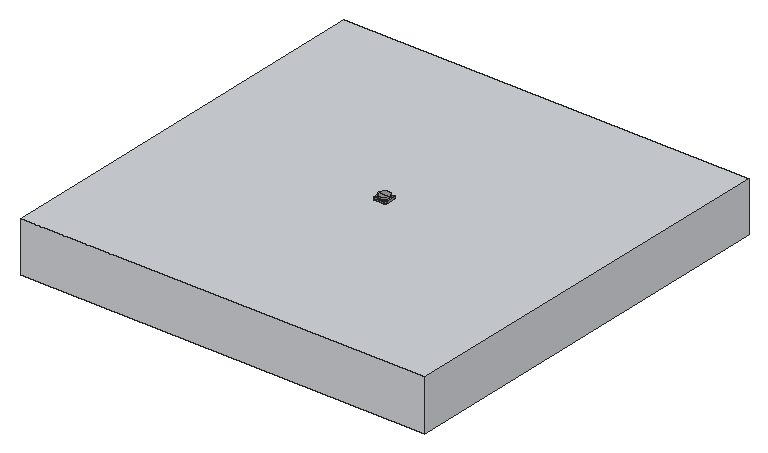
Revit family "Hekatron_Feststellanlagen_ASS 65_DE_22.01", category Brandmelder, Revit 2018
Family settings
  Basisbauteil = Fläche
  Beschriftungsausrichtung beibehalten = Ja
  Bemaßung runder Anschluss = Durchmesser verwenden
  Teiletyp = Normal
  OmniClass-Nummer = 23.85.30.21
  OmniClass-Titel = Environmental Detection/Registration
  Beim Laden mit Abzugskörper schneiden = Nein
  Gemeinsam genutzt = Nein
  Raumberechnungspunkt = Nein
Parameters (values of type "ASS 65")
  Zulässige Umgebungstemperatur = ""
  Zulässige Luftgeschwindigkeit = ""
  Zulassungen nach EN 54 = ""
  Width [instance] = 75 mm
  Version des BIM Objektes = "22.01"
  VdS-Anerkennung = ""
  URL = "https://www.hekatron-brandschutz.de"
  UB A&S Artikel Nummer = "6500024"
  Typenkommentare = "Ankerplatte ASS 65"
  Tiefe (mm) = "75.0"
  Stromaufnahme = ""
  Schutzart = ""
  Rauchteil einstellbar = ""
  Nettogewicht (g) = ""
  Montageart = "Türmontage"
  Modell = "ASS 65"
  Material = "Kunststoff\nMetall"
  Link zum Datenblatt = ""
  Link zu ausschreiben.de = "http://www.ausschreiben.de/katalog/Hekatron/position/77"
  Link zu Produktinformation = "https://www.hekatron-planungstools.de/Produktinfo/ASS_65.PDF"
  Link zu Ausschreibungstext = "https://www.meinhplus.de/login"
  Leistungserklärung (DoP) = ""
  Lautstärke DIN-Ton (dB) = ""
  Kabeleinführung = ""
  Höhe (mm) = "23.0"
  Hersteller = "Hekatron"
  Heigth [instance] = 75 mm
  Funktionsprinzip = ""
  Farbe = "silber/schwarz"
  Ex-Zonen = ""
  Einstellung Temperaturklasse nach EN 54-5 = ""
  Einstellung Temperaturindex nach EN 54-5 = ""
  Einstellung Rauchempfindlichkeit nach EN 54-20 = ""
  Einstellen Rauchempfindlichkeit nach EN 54-7 = ""
  EG-Konformitätszertifikat / Zertifikat der Leistungsbeständigkeit = ""
  Durchmesser (mm) = ""
  Depth [instance] = 23 mm
  Vorgabe-Ansicht = 1200 mm
  Breite (mm) = "75.0"
  Betriebsspannung = ""
  Beschreibung = "Ankerplatte, Durchmesser 65mm, passend zum THM 425."
  Bauartgenehmigungen = ""
  Anzahl Ansaugleitungen = ""
  Ansprechtemperatur = ""
  Alarm- & Empfindlichkeitsbereich = ""
Reference planes
  plane 1 "Center (Front/Back)": y = 0
  plane 2: z = 0
  plane 3 "Center (Left/Right)": x = 0
Forms (mm)
  Extrusion 1, solid
    sketch origin (0, 0, 0) x (1, 0, 0) y (0, 1, 0)
      loop
        line (-1219.2, 1219.2) -> (-1219.2, -1219.2) -> (1219.2, -1219.2) -> (1219.2, 1219.2) -> (-1219.2, 1219.2)
    from 0 to -304.8
  Revolve 2, solid, material "Silver"
    sketch origin (0, 0, 18) x (-1, 0, 0) y (0, 0, -1)
      loop
        line (0, 10) -> (-16, 10) -> (-14.944, 4.012)
        arc (-14.944, 4.012) -> (-14.32, 2.88) -> (-13.134, 2.366) r 2
        arc (-13.134, 2.366) -> (-8.571, 2.091) -> (-4, 2) r 114.26
        line (-4, 2) -> (-32.5, 2) -> (-32.5, -5) -> (0, -5) -> (0, 10)
      axis (0, 10) -> (0, -5)
    angle from 0 to 360
  Extrusion 3, solid, material "Steel, Carbon"
    sketch origin (0, 0, 0) x (1, 0, 0) y (0, 1, 0)
      loop
        line (30, 37.5) -> (-30, 37.5)
        arc (-30, 37.5) -> (-35.303, 35.303) -> (-37.5, 30) r 7.5
        line (-37.5, 30) -> (-37.5, -30)
        arc (-37.5, -30) -> (-35.303, -35.303) -> (-30, -37.5) r 7.5
        line (-30, -37.5) -> (30, -37.5)
        arc (30, -37.5) -> (35.303, -35.303) -> (37.5, -30) r 7.5
        line (37.5, -30) -> (37.5, 30)
        arc (37.5, 30) -> (35.303, 35.303) -> (30, 37.5) r 7.5
    from 0.8 to 8
  Extrusion 4, solid, material "Steel, Carbon"
    sketch origin (0, 0, 0) x (1, 0, 0) y (0, 1, 0)
      loop
        circle (30, 30) r 7.5
      loop
        circle (-30, 30) r 7.5
      loop
        circle (30, -30) r 7.5
      loop
        circle (-30, -30) r 7.5
    from 0 to 0.8
  Revolve 5, void
    sketch origin (0, -30, 0) x (1, 0, 0) y (0, 0, -1)
      loop
        line (-24.75, -8) -> (-27.25, -5.5) -> (-27.25, 0) -> (-30, 0) -> (-30, -8) -> (-24.75, -8)
      axis (-30, 0) -> (-30, -8)
    angle from 0 to 360
  Blend 6, void
    base sketch origin (0, 0, 0) x (1, 0, 0) y (0, 1, 0)
      loop
        line (20, 32.5) -> (5, 32.5)
        arc (5, 32.5) -> (3.232, 31.768) -> (2.5, 30) r 2.5
        line (2.5, 30) -> (2.5, 16.771)
        arc (2.5, 16.771) -> (2.996, 15.276) -> (4.286, 14.375) r 2.5
        arc (4.286, 14.375) -> (5.74, 13.858) -> (7.134, 13.195) r 15
        arc (7.134, 13.195) -> (8.684, 12.92) -> (10.091, 13.626) r 2.5
        line (10.091, 13.626) -> (22.109, 25.644)
        arc (22.109, 25.644) -> (22.756, 26.765) -> (22.756, 28.059) r 2.5
        arc (22.756, 28.059) -> (22.564, 29.021) -> (22.5, 30) r 7.5
        arc (22.5, 30) -> (21.768, 31.768) -> (20, 32.5) r 2.5
    top sketch origin (0, 0, 0) x (1, 0, 0) y (0, 1, 0)
      loop
        line (20, 31.1) -> (5, 31.1)
        arc (5, 31.1) -> (4.222, 30.778) -> (3.9, 30) r 1.1
        line (3.9, 30) -> (3.9, 16.771)
        arc (3.9, 16.771) -> (4.118, 16.113) -> (4.686, 15.716) r 1.1
        arc (4.686, 15.716) -> (6.276, 15.152) -> (7.8, 14.426) r 16.4
        arc (7.8, 14.426) -> (8.482, 14.306) -> (9.101, 14.616) r 1.1
        line (9.101, 14.616) -> (21.119, 26.634)
        arc (21.119, 26.634) -> (21.403, 27.127) -> (21.403, 27.697) r 1.1
        arc (21.403, 27.697) -> (21.176, 28.838) -> (21.1, 30) r 8.9
        arc (21.1, 30) -> (20.778, 30.778) -> (20, 31.1) r 1.1
    from 0.8 to 3
  Blend 7, void
    base sketch origin (0, 0, 0) x (1, 0, 0) y (0, 1, 0)
      loop
        circle (0, 0) r 6.985
    top sketch origin (0, 0, 0) x (1, 0, 0) y (0, 1, 0)
      loop
        circle (0, 0) r 7.858
    from 4.17 to 0.8
  Sweep 8, void
    path in 3D
      loop
        arc (-37.5, -30, 8) -> (-35.303, -35.303, 8) -> (-30, -37.5, 8) r 7.5
        line (-30, -37.5, 8) -> (30, -37.5, 8)
        arc (30, -37.5, 8) -> (35.303, -35.303, 8) -> (37.5, -30, 8) r 7.5
        line (37.5, -30, 8) -> (37.5, 30, 8)
        arc (37.5, 30, 8) -> (35.303, 35.303, 8) -> (30, 37.5, 8) r 7.5
        line (30, 37.5, 8) -> (-30, 37.5, 8)
        arc (-30, 37.5, 8) -> (-35.303, 35.303, 8) -> (-37.5, 30, 8) r 7.5
        line (-37.5, 30, 8) -> (-37.5, -30, 8)
    profile origin (-37.5, 0, 8) x (1, 0, 0) y (0, 0, 1)
      loop
        line (0, 0) -> (0, -1)
        arc (0, -1) -> (0.293, -0.293) -> (1, 0) r 1
        line (1, 0) -> (0, 0)
  Blend 9, void
    base sketch origin (0, 0, 0) x (-1, 0, 0) y (0, -1, 0)
      loop
        arc (20, -32.5) -> (21.768, -31.768) -> (22.5, -30) r 2.5
        arc (22.5, -30) -> (22.564, -29.021) -> (22.756, -28.059) r 7.5
        arc (22.756, -28.059) -> (22.756, -26.765) -> (22.109, -25.644) r 2.5
        line (22.109, -25.644) -> (10.091, -13.626)
        arc (10.091, -13.626) -> (8.684, -12.92) -> (7.134, -13.195) r 2.5
        arc (7.134, -13.195) -> (5.74, -13.858) -> (4.286, -14.375) r 15
        arc (4.286, -14.375) -> (2.996, -15.276) -> (2.5, -16.771) r 2.5
        line (2.5, -16.771) -> (2.5, -30)
        arc (2.5, -30) -> (3.232, -31.768) -> (5, -32.5) r 2.5
        line (5, -32.5) -> (20, -32.5)
    top sketch origin (0, 0, 0) x (-1, 0, 0) y (0, -1, 0)
      loop
        arc (20, -31.1) -> (20.778, -30.778) -> (21.1, -30) r 1.1
        arc (21.1, -30) -> (21.176, -28.838) -> (21.403, -27.697) r 8.9
        arc (21.403, -27.697) -> (21.403, -27.127) -> (21.119, -26.634) r 1.1
        line (21.119, -26.634) -> (9.101, -14.616)
        arc (9.101, -14.616) -> (8.482, -14.306) -> (7.8, -14.426) r 1.1
        arc (7.8, -14.426) -> (6.276, -15.152) -> (4.686, -15.716) r 16.4
        arc (4.686, -15.716) -> (4.118, -16.113) -> (3.9, -16.771) r 1.1
        line (3.9, -16.771) -> (3.9, -30)
        arc (3.9, -30) -> (4.222, -30.778) -> (5, -31.1) r 1.1
        line (5, -31.1) -> (20, -31.1)
    from 0.8 to 3
  Blend 10, void
    base sketch origin (0, 0, 0) x (1, 0, 0) y (0, 1, 0)
      loop
        arc (20, -32.5) -> (21.768, -31.768) -> (22.5, -30) r 2.5
        arc (22.5, -30) -> (22.564, -29.021) -> (22.756, -28.059) r 7.5
        arc (22.756, -28.059) -> (22.756, -26.765) -> (22.109, -25.644) r 2.5
        line (22.109, -25.644) -> (10.091, -13.626)
        arc (10.091, -13.626) -> (8.684, -12.92) -> (7.134, -13.195) r 2.5
        arc (7.134, -13.195) -> (5.74, -13.858) -> (4.286, -14.375) r 15
        arc (4.286, -14.375) -> (2.996, -15.276) -> (2.5, -16.771) r 2.5
        line (2.5, -16.771) -> (2.5, -30)
        arc (2.5, -30) -> (3.232, -31.768) -> (5, -32.5) r 2.5
        line (5, -32.5) -> (20, -32.5)
    top sketch origin (0, 0, 0) x (1, 0, 0) y (0, 1, 0)
      loop
        arc (20, -31.1) -> (20.778, -30.778) -> (21.1, -30) r 1.1
        arc (21.1, -30) -> (21.176, -28.838) -> (21.403, -27.697) r 8.9
        arc (21.403, -27.697) -> (21.403, -27.127) -> (21.119, -26.634) r 1.1
        line (21.119, -26.634) -> (9.101, -14.616)
        arc (9.101, -14.616) -> (8.482, -14.306) -> (7.8, -14.426) r 1.1
        arc (7.8, -14.426) -> (6.276, -15.152) -> (4.686, -15.716) r 16.4
        arc (4.686, -15.716) -> (4.118, -16.113) -> (3.9, -16.771) r 1.1
        line (3.9, -16.771) -> (3.9, -30)
        arc (3.9, -30) -> (4.222, -30.778) -> (5, -31.1) r 1.1
        line (5, -31.1) -> (20, -31.1)
    from 0.8 to 3
  Blend 11, void
    base sketch origin (0, 0, 0) x (-1, 0, 0) y (0, -1, 0)
      loop
        line (20, 32.5) -> (5, 32.5)
        arc (5, 32.5) -> (3.232, 31.768) -> (2.5, 30) r 2.5
        line (2.5, 30) -> (2.5, 16.771)
        arc (2.5, 16.771) -> (2.996, 15.276) -> (4.286, 14.375) r 2.5
        arc (4.286, 14.375) -> (5.74, 13.858) -> (7.134, 13.195) r 15
        arc (7.134, 13.195) -> (8.684, 12.92) -> (10.091, 13.626) r 2.5
        line (10.091, 13.626) -> (22.109, 25.644)
        arc (22.109, 25.644) -> (22.756, 26.765) -> (22.756, 28.059) r 2.5
        arc (22.756, 28.059) -> (22.564, 29.021) -> (22.5, 30) r 7.5
        arc (22.5, 30) -> (21.768, 31.768) -> (20, 32.5) r 2.5
    top sketch origin (0, 0, 0) x (-1, 0, 0) y (0, -1, 0)
      loop
        line (20, 31.1) -> (5, 31.1)
        arc (5, 31.1) -> (4.222, 30.778) -> (3.9, 30) r 1.1
        line (3.9, 30) -> (3.9, 16.771)
        arc (3.9, 16.771) -> (4.118, 16.113) -> (4.686, 15.716) r 1.1
        arc (4.686, 15.716) -> (6.276, 15.152) -> (7.8, 14.426) r 16.4
        arc (7.8, 14.426) -> (8.482, 14.306) -> (9.101, 14.616) r 1.1
        line (9.101, 14.616) -> (21.119, 26.634)
        arc (21.119, 26.634) -> (21.403, 27.127) -> (21.403, 27.697) r 1.1
        arc (21.403, 27.697) -> (21.176, 28.838) -> (21.1, 30) r 8.9
        arc (21.1, 30) -> (20.778, 30.778) -> (20, 31.1) r 1.1
    from 0.8 to 3
  Blend 12, void
    base sketch origin (0, 0, 0) x (0, 1, 0) y (-1, 0, 0)
      loop
        arc (20, -32.5) -> (21.768, -31.768) -> (22.5, -30) r 2.5
        arc (22.5, -30) -> (22.564, -29.021) -> (22.756, -28.059) r 7.5
        arc (22.756, -28.059) -> (22.756, -26.765) -> (22.109, -25.644) r 2.5
        line (22.109, -25.644) -> (10.091, -13.626)
        arc (10.091, -13.626) -> (8.684, -12.92) -> (7.134, -13.195) r 2.5
        arc (7.134, -13.195) -> (5.74, -13.858) -> (4.286, -14.375) r 15
        arc (4.286, -14.375) -> (2.996, -15.276) -> (2.5, -16.771) r 2.5
        line (2.5, -16.771) -> (2.5, -30)
        arc (2.5, -30) -> (3.232, -31.768) -> (5, -32.5) r 2.5
        line (5, -32.5) -> (20, -32.5)
    top sketch origin (0, 0, 0) x (0, 1, 0) y (-1, 0, 0)
      loop
        arc (20, -31.1) -> (20.778, -30.778) -> (21.1, -30) r 1.1
        arc (21.1, -30) -> (21.176, -28.838) -> (21.403, -27.697) r 8.9
        arc (21.403, -27.697) -> (21.403, -27.127) -> (21.119, -26.634) r 1.1
        line (21.119, -26.634) -> (9.101, -14.616)
        arc (9.101, -14.616) -> (8.482, -14.306) -> (7.8, -14.426) r 1.1
        arc (7.8, -14.426) -> (6.276, -15.152) -> (4.686, -15.716) r 16.4
        arc (4.686, -15.716) -> (4.118, -16.113) -> (3.9, -16.771) r 1.1
        line (3.9, -16.771) -> (3.9, -30)
        arc (3.9, -30) -> (4.222, -30.778) -> (5, -31.1) r 1.1
        line (5, -31.1) -> (20, -31.1)
    from 0.8 to 3
  Blend 13, void
    base sketch origin (0, 0, 0) x (0, -1, 0) y (1, 0, 0)
      loop
        line (20, 32.5) -> (5, 32.5)
        arc (5, 32.5) -> (3.232, 31.768) -> (2.5, 30) r 2.5
        line (2.5, 30) -> (2.5, 16.771)
        arc (2.5, 16.771) -> (2.996, 15.276) -> (4.286, 14.375) r 2.5
        arc (4.286, 14.375) -> (5.74, 13.858) -> (7.134, 13.195) r 15
        arc (7.134, 13.195) -> (8.684, 12.92) -> (10.091, 13.626) r 2.5
        line (10.091, 13.626) -> (22.109, 25.644)
        arc (22.109, 25.644) -> (22.756, 26.765) -> (22.756, 28.059) r 2.5
        arc (22.756, 28.059) -> (22.564, 29.021) -> (22.5, 30) r 7.5
        arc (22.5, 30) -> (21.768, 31.768) -> (20, 32.5) r 2.5
    top sketch origin (0, 0, 0) x (0, -1, 0) y (1, 0, 0)
      loop
        line (20, 31.1) -> (5, 31.1)
        arc (5, 31.1) -> (4.222, 30.778) -> (3.9, 30) r 1.1
        line (3.9, 30) -> (3.9, 16.771)
        arc (3.9, 16.771) -> (4.118, 16.113) -> (4.686, 15.716) r 1.1
        arc (4.686, 15.716) -> (6.276, 15.152) -> (7.8, 14.426) r 16.4
        arc (7.8, 14.426) -> (8.482, 14.306) -> (9.101, 14.616) r 1.1
        line (9.101, 14.616) -> (21.119, 26.634)
        arc (21.119, 26.634) -> (21.403, 27.127) -> (21.403, 27.697) r 1.1
        arc (21.403, 27.697) -> (21.176, 28.838) -> (21.1, 30) r 8.9
        arc (21.1, 30) -> (20.778, 30.778) -> (20, 31.1) r 1.1
    from 0.8 to 3
  Blend 14, void
    base sketch origin (0, 0, 0) x (0, 1, 0) y (-1, 0, 0)
      loop
        line (20, 32.5) -> (5, 32.5)
        arc (5, 32.5) -> (3.232, 31.768) -> (2.5, 30) r 2.5
        line (2.5, 30) -> (2.5, 16.771)
        arc (2.5, 16.771) -> (2.996, 15.276) -> (4.286, 14.375) r 2.5
        arc (4.286, 14.375) -> (5.74, 13.858) -> (7.134, 13.195) r 15
        arc (7.134, 13.195) -> (8.684, 12.92) -> (10.091, 13.626) r 2.5
        line (10.091, 13.626) -> (22.109, 25.644)
        arc (22.109, 25.644) -> (22.756, 26.765) -> (22.756, 28.059) r 2.5
        arc (22.756, 28.059) -> (22.564, 29.021) -> (22.5, 30) r 7.5
        arc (22.5, 30) -> (21.768, 31.768) -> (20, 32.5) r 2.5
    top sketch origin (0, 0, 0) x (0, 1, 0) y (-1, 0, 0)
      loop
        line (20, 31.1) -> (5, 31.1)
        arc (5, 31.1) -> (4.222, 30.778) -> (3.9, 30) r 1.1
        line (3.9, 30) -> (3.9, 16.771)
        arc (3.9, 16.771) -> (4.118, 16.113) -> (4.686, 15.716) r 1.1
        arc (4.686, 15.716) -> (6.276, 15.152) -> (7.8, 14.426) r 16.4
        arc (7.8, 14.426) -> (8.482, 14.306) -> (9.101, 14.616) r 1.1
        line (9.101, 14.616) -> (21.119, 26.634)
        arc (21.119, 26.634) -> (21.403, 27.127) -> (21.403, 27.697) r 1.1
        arc (21.403, 27.697) -> (21.176, 28.838) -> (21.1, 30) r 8.9
        arc (21.1, 30) -> (20.778, 30.778) -> (20, 31.1) r 1.1
    from 0.8 to 3
  Blend 15, void
    base sketch origin (0, 0, 0) x (0, -1, 0) y (1, 0, 0)
      loop
        arc (20, -32.5) -> (21.768, -31.768) -> (22.5, -30) r 2.5
        arc (22.5, -30) -> (22.564, -29.021) -> (22.756, -28.059) r 7.5
        arc (22.756, -28.059) -> (22.756, -26.765) -> (22.109, -25.644) r 2.5
        line (22.109, -25.644) -> (10.091, -13.626)
        arc (10.091, -13.626) -> (8.684, -12.92) -> (7.134, -13.195) r 2.5
        arc (7.134, -13.195) -> (5.74, -13.858) -> (4.286, -14.375) r 15
        arc (4.286, -14.375) -> (2.996, -15.276) -> (2.5, -16.771) r 2.5
        line (2.5, -16.771) -> (2.5, -30)
        arc (2.5, -30) -> (3.232, -31.768) -> (5, -32.5) r 2.5
        line (5, -32.5) -> (20, -32.5)
    top sketch origin (0, 0, 0) x (0, -1, 0) y (1, 0, 0)
      loop
        arc (20, -31.1) -> (20.778, -30.778) -> (21.1, -30) r 1.1
        arc (21.1, -30) -> (21.176, -28.838) -> (21.403, -27.697) r 8.9
        arc (21.403, -27.697) -> (21.403, -27.127) -> (21.119, -26.634) r 1.1
        line (21.119, -26.634) -> (9.101, -14.616)
        arc (9.101, -14.616) -> (8.482, -14.306) -> (7.8, -14.426) r 1.1
        arc (7.8, -14.426) -> (6.276, -15.152) -> (4.686, -15.716) r 16.4
        arc (4.686, -15.716) -> (4.118, -16.113) -> (3.9, -16.771) r 1.1
        line (3.9, -16.771) -> (3.9, -30)
        arc (3.9, -30) -> (4.222, -30.778) -> (5, -31.1) r 1.1
        line (5, -31.1) -> (20, -31.1)
    from 0.8 to 3
  Revolve 16, void
    sketch origin (0, -30, 0) x (-1, 0, 0) y (0, 0, 1)
      loop
        line (-24.75, 8) -> (-30, 8) -> (-30, 0) -> (-27.25, 0) -> (-27.25, 5.5) -> (-24.75, 8)
      axis (-30, 0) -> (-30, 8)
    angle from 0 to 360
  Revolve 17, void
    sketch origin (0, 30, 0) x (1, 0, 0) y (0, 0, 1)
      loop
        line (-24.75, 8) -> (-30, 8) -> (-30, 0) -> (-27.25, 0) -> (-27.25, 5.5) -> (-24.75, 8)
      axis (-30, 0) -> (-30, 8)
    angle from 0 to 360
  Revolve 18, void
    sketch origin (0, 30, 0) x (-1, 0, 0) y (0, 0, -1)
      loop
        line (-24.75, -8) -> (-27.25, -5.5) -> (-27.25, 0) -> (-30, 0) -> (-30, -8) -> (-24.75, -8)
      axis (-30, 0) -> (-30, -8)
    angle from 0 to 360
Cuts and joins
  Revolve 5, Blend 6, Blend 7, Sweep 8, Blend 9, Blend 10, Blend 11, Blend 12, Blend 13, Blend 14, Blend 15, Revolve 16, Revolve 17, Revolve 18 cuts Extrusion 3
  Revolve 5, Blend 9, Blend 10, Blend 11, Blend 12, Blend 13, Blend 14, Blend 15, Revolve 16, Revolve 17, Revolve 18 cuts Extrusion 4
Lines and regions (mm)
  sketch lines
    curve 1: line (-37.5, 30, 8) -> (-37.5, -30, 8)
    curve 2: arc (-37.5, 30, 8) -> (-35.303, 35.303, 8) -> (-30, 37.5, 8) r 7.5
    curve 3: line (30, 37.5, 8) -> (-30, 37.5, 8)
    curve 4: arc (-30, -37.5, 8) -> (-35.303, -35.303, 8) -> (-37.5, -30, 8) r 7.5
    curve 5: line (-30, -37.5, 8) -> (30, -37.5, 8)
    curve 6: arc (37.5, -30, 8) -> (35.303, -35.303, 8) -> (30, -37.5, 8) r 7.5
    curve 7: line (37.5, -30, 8) -> (37.5, 30, 8)
    curve 8: arc (30, 37.5, 8) -> (35.303, 35.303, 8) -> (37.5, 30, 8) r 7.5
Dimensions and locks
  "Width": cut or joined group 1 (Extrusion 3, Revolve 5, Blend 6, Blend 7, Sweep 8, Blend 9, Blend 10, Blend 11, Blend 12, Blend 13, Blend 14, Blend 15, Revolve 16, Revolve 17, Revolve 18) to cut or joined group 1
  "Heigth": cut or joined group 1 to cut or joined group 1
  "Depth": Revolve 2 to Extrusion 1
  aligned and locked: plane 2 to Extrusion 1
  aligned and locked: level to Extrusion 1
Automatic sketch dimensions
  Extrusion 1 sketch curve to Extrusion 1 sketch curve = 2438.4 mm  (x2)
  Revolve 2 sketch curve to plane 3 "Center (Left/Right)" = 0 mm  (x2)
  plane 3 "Center (Left/Right)" to Revolve 2 sketch curve = 4 mm
  Revolve 2 sketch curve to Revolve 2 sketch curve = 8.975 mm
  Revolve 2 sketch curve to Revolve 2 sketch curve = 1.97 mm
  level to Revolve 2 sketch curve = 8 mm
  Revolve 2 sketch curve to Revolve 2 sketch curve = 1.056 mm
  Revolve 2 sketch curve to Revolve 2 sketch curve = 17.556 mm
  Revolve 2 sketch curve to Revolve 2 sketch curve = 5.641 mm
  Revolve 2 sketch curve to Revolve 2 sketch curve = 0.347 mm
  level to Revolve 2 sketch curve = 16 mm
  Revolve 2 sketch curve to Revolve 2 sketch curve = 7 mm
  Revolve 2 sketch curve to level = 98.26 mm
  Revolve 2 sketch curve to Revolve 2 sketch curve = 0 mm  (x2)
  Revolve 2 sketch curve to Revolve 2 sketch curve = 604.6 mm
  Revolve 2 sketch curve to Revolve 2 sketch curve = 3 mm
  Extrusion 3 sketch curve to plane 3 "Center (Left/Right)" = 37.5 mm
  Extrusion 3 sketch curve to Extrusion 3 sketch curve = 7.5 mm  (x3)
  plane 3 "Center (Left/Right)" to Extrusion 3 sketch curve = 30 mm  (x2)
  plane 1 "Center (Front/Back)" to Extrusion 3 sketch curve = 37.5 mm
  Extrusion 3 sketch curve to plane 1 "Center (Front/Back)" = 30 mm
  Extrusion 4 sketch curve to plane 3 "Center (Left/Right)" = 30 mm  (x2)
  plane 3 "Center (Left/Right)" to Extrusion 4 sketch curve = 30 mm  (x2)
  plane 1 "Center (Front/Back)" to Extrusion 4 sketch curve = 30 mm  (x2)
  Extrusion 4 sketch curve to plane 1 "Center (Front/Back)" = 30 mm  (x2)
  Revolve 5 sketch curve to level = 0 mm  (x2)
  Revolve 5 sketch curve to plane 3 "Center (Left/Right)" = 30 mm
  Revolve 5 sketch curve to Revolve 5 sketch curve = 2.75 mm
  Revolve 5 sketch curve to Revolve 5 sketch curve = 2.5 mm  (x2)
  Revolve 5 sketch curve to Revolve 5 sketch curve = 5.5 mm
  Revolve 5 sketch curve to Revolve 5 sketch curve = 0 mm
  Revolve 5 sketch curve to Revolve 5 sketch curve = 1.577 mm
  plane 1 "Center (Front/Back)" to Blend 6 sketch curve = 0 mm  (x2)
  Blend 6 sketch curve to plane 3 "Center (Left/Right)" = 0 mm  (x2)
  plane 3 "Center (Left/Right)" to Blend 6 sketch curve = 2.5 mm
  Blend 6 sketch curve to Blend 6 sketch curve = 2.5 mm  (x2)
  Blend 6 sketch curve to Blend 6 sketch curve = 3.323 mm  (x2)
  Blend 6 sketch curve to Blend 6 sketch curve = 1.768 mm  (x4)
  Blend 6 sketch curve to Blend 6 sketch curve = 15 mm  (x2)
  Blend 6 sketch curve to Blend 6 sketch curve = 0.341 mm  (x2)
  Blend 6 sketch curve to Blend 6 sketch curve = 7.891 mm
  Blend 6 sketch curve to plane 1 "Center (Front/Back)" = 13.626 mm
  Blend 6 sketch curve to Blend 6 sketch curve = 1.376 mm  (x2)
  Blend 6 sketch curve to Blend 6 sketch curve = 12.018 mm  (x2)
  Blend 6 sketch curve to Blend 6 sketch curve = 2.588 mm
  Blend 6 sketch curve to Blend 6 sketch curve = 13.229 mm  (x2)
  Blend 6 sketch curve to Blend 6 sketch curve = 0 mm  (x4)
  plane 3 "Center (Left/Right)" to Blend 6 sketch curve = 3.9 mm
  Blend 6 sketch curve to Blend 6 sketch curve = 1.1 mm  (x3)
  Blend 6 sketch curve to Blend 6 sketch curve = 0.778 mm  (x4)
  Blend 6 sketch curve to Blend 6 sketch curve = 8.881 mm
  Blend 6 sketch curve to plane 1 "Center (Front/Back)" = 14.616 mm
  Blend 7 sketch curve to Blend 7 sketch curve = 0 mm  (x4)
  Blend 7 sketch curve to plane 3 "Center (Left/Right)" = 0 mm  (x2)
  plane 1 "Center (Front/Back)" to Blend 7 sketch curve = 0 mm  (x2)
  plane 1 "Center (Front/Back)" to Blend 7 sketch curve = 6.985 mm
  plane 1 "Center (Front/Back)" to Blend 7 sketch curve = 7.858 mm
  profile plane to Sweep 8 sketch curve = 0 mm
  Sweep 8 sketch curve to profile plane = 0 mm
  Sweep 8 sketch curve to profile plane = 1 mm
  plane 1 "Center (Front/Back)" to Blend 9 sketch curve = 0 mm  (x2)
  Blend 9 sketch curve to plane 3 "Center (Left/Right)" = 0 mm  (x2)
  plane 3 "Center (Left/Right)" to Blend 9 sketch curve = 2.5 mm
  Blend 9 sketch curve to Blend 9 sketch curve = 2.5 mm  (x2)
  Blend 9 sketch curve to Blend 9 sketch curve = 3.323 mm  (x2)
  Blend 9 sketch curve to Blend 9 sketch curve = 1.768 mm  (x4)
  Blend 9 sketch curve to Blend 9 sketch curve = 15 mm  (x2)
  Blend 9 sketch curve to Blend 9 sketch curve = 0.341 mm  (x2)
  Blend 9 sketch curve to Blend 9 sketch curve = 7.891 mm
  plane 1 "Center (Front/Back)" to Blend 9 sketch curve = 13.626 mm
  Blend 9 sketch curve to Blend 9 sketch curve = 1.376 mm  (x2)
  Blend 9 sketch curve to Blend 9 sketch curve = 12.018 mm  (x2)
  Blend 9 sketch curve to Blend 9 sketch curve = 2.588 mm
  Blend 9 sketch curve to Blend 9 sketch curve = 13.229 mm  (x2)
  Blend 9 sketch curve to Blend 9 sketch curve = 0 mm  (x4)
  plane 3 "Center (Left/Right)" to Blend 9 sketch curve = 3.9 mm
  Blend 9 sketch curve to Blend 9 sketch curve = 1.1 mm  (x3)
  Blend 9 sketch curve to Blend 9 sketch curve = 0.778 mm  (x4)
  Blend 9 sketch curve to Blend 9 sketch curve = 8.881 mm
  plane 1 "Center (Front/Back)" to Blend 9 sketch curve = 14.616 mm
  plane 1 "Center (Front/Back)" to Blend 10 sketch curve = 0 mm  (x2)
  Blend 10 sketch curve to plane 3 "Center (Left/Right)" = 0 mm  (x2)
  Blend 10 sketch curve to plane 3 "Center (Left/Right)" = 2.5 mm
  Blend 10 sketch curve to Blend 10 sketch curve = 2.5 mm  (x2)
  Blend 10 sketch curve to Blend 10 sketch curve = 3.323 mm  (x2)
  Blend 10 sketch curve to Blend 10 sketch curve = 1.768 mm  (x4)
  Blend 10 sketch curve to Blend 10 sketch curve = 15 mm  (x2)
  Blend 10 sketch curve to Blend 10 sketch curve = 0.341 mm  (x2)
  Blend 10 sketch curve to Blend 10 sketch curve = 7.891 mm
  Blend 10 sketch curve to plane 1 "Center (Front/Back)" = 13.626 mm
  Blend 10 sketch curve to Blend 10 sketch curve = 1.376 mm  (x2)
  Blend 10 sketch curve to Blend 10 sketch curve = 12.018 mm  (x2)
  Blend 10 sketch curve to Blend 10 sketch curve = 2.588 mm
  Blend 10 sketch curve to Blend 10 sketch curve = 13.229 mm  (x2)
  Blend 10 sketch curve to Blend 10 sketch curve = 0 mm  (x4)
  Blend 10 sketch curve to plane 3 "Center (Left/Right)" = 3.9 mm
  Blend 10 sketch curve to Blend 10 sketch curve = 1.1 mm  (x3)
  Blend 10 sketch curve to Blend 10 sketch curve = 0.778 mm  (x4)
  Blend 10 sketch curve to Blend 10 sketch curve = 8.881 mm
  Blend 10 sketch curve to plane 1 "Center (Front/Back)" = 14.616 mm
  plane 1 "Center (Front/Back)" to Blend 11 sketch curve = 0 mm  (x2)
  Blend 11 sketch curve to plane 3 "Center (Left/Right)" = 0 mm  (x2)
  Blend 11 sketch curve to plane 3 "Center (Left/Right)" = 2.5 mm
  Blend 11 sketch curve to Blend 11 sketch curve = 2.5 mm  (x2)
  Blend 11 sketch curve to Blend 11 sketch curve = 3.323 mm  (x2)
  Blend 11 sketch curve to Blend 11 sketch curve = 1.768 mm  (x4)
  Blend 11 sketch curve to Blend 11 sketch curve = 15 mm  (x2)
  Blend 11 sketch curve to Blend 11 sketch curve = 0.341 mm  (x2)
  Blend 11 sketch curve to Blend 11 sketch curve = 7.891 mm
  plane 1 "Center (Front/Back)" to Blend 11 sketch curve = 13.626 mm
  Blend 11 sketch curve to Blend 11 sketch curve = 1.376 mm  (x2)
  Blend 11 sketch curve to Blend 11 sketch curve = 12.018 mm  (x2)
  Blend 11 sketch curve to Blend 11 sketch curve = 2.588 mm
  Blend 11 sketch curve to Blend 11 sketch curve = 13.229 mm  (x2)
  Blend 11 sketch curve to Blend 11 sketch curve = 0 mm  (x4)
  Blend 11 sketch curve to plane 3 "Center (Left/Right)" = 3.9 mm
  Blend 11 sketch curve to Blend 11 sketch curve = 1.1 mm  (x3)
  Blend 11 sketch curve to Blend 11 sketch curve = 0.778 mm  (x4)
  Blend 11 sketch curve to Blend 11 sketch curve = 8.881 mm
  plane 1 "Center (Front/Back)" to Blend 11 sketch curve = 14.616 mm
  plane 1 "Center (Front/Back)" to Blend 12 sketch curve = 0 mm  (x2)
  Blend 12 sketch curve to plane 3 "Center (Left/Right)" = 0 mm  (x2)
  plane 1 "Center (Front/Back)" to Blend 12 sketch curve = 2.5 mm
  Blend 12 sketch curve to Blend 12 sketch curve = 2.5 mm  (x2)
  Blend 12 sketch curve to Blend 12 sketch curve = 3.323 mm  (x2)
  Blend 12 sketch curve to Blend 12 sketch curve = 1.768 mm  (x4)
  Blend 12 sketch curve to Blend 12 sketch curve = 15 mm  (x2)
  Blend 12 sketch curve to Blend 12 sketch curve = 0.341 mm  (x2)
  Blend 12 sketch curve to Blend 12 sketch curve = 7.891 mm
  Blend 12 sketch curve to plane 3 "Center (Left/Right)" = 13.626 mm
  Blend 12 sketch curve to Blend 12 sketch curve = 1.376 mm  (x2)
  Blend 12 sketch curve to Blend 12 sketch curve = 12.018 mm  (x2)
  Blend 12 sketch curve to Blend 12 sketch curve = 2.588 mm
  Blend 12 sketch curve to Blend 12 sketch curve = 13.229 mm  (x2)
  Blend 12 sketch curve to Blend 12 sketch curve = 0 mm  (x4)
  plane 1 "Center (Front/Back)" to Blend 12 sketch curve = 3.9 mm
  Blend 12 sketch curve to Blend 12 sketch curve = 1.1 mm  (x3)
  Blend 12 sketch curve to Blend 12 sketch curve = 0.778 mm  (x4)
  Blend 12 sketch curve to Blend 12 sketch curve = 8.881 mm
  Blend 12 sketch curve to plane 3 "Center (Left/Right)" = 14.616 mm
  plane 1 "Center (Front/Back)" to Blend 13 sketch curve = 0 mm  (x2)
  Blend 13 sketch curve to plane 3 "Center (Left/Right)" = 0 mm  (x2)
  plane 1 "Center (Front/Back)" to Blend 13 sketch curve = 2.5 mm
  Blend 13 sketch curve to Blend 13 sketch curve = 2.5 mm  (x2)
  Blend 13 sketch curve to Blend 13 sketch curve = 3.323 mm  (x2)
  Blend 13 sketch curve to Blend 13 sketch curve = 1.768 mm  (x4)
  Blend 13 sketch curve to Blend 13 sketch curve = 15 mm  (x2)
  Blend 13 sketch curve to Blend 13 sketch curve = 0.341 mm  (x2)
  Blend 13 sketch curve to Blend 13 sketch curve = 7.891 mm
  plane 3 "Center (Left/Right)" to Blend 13 sketch curve = 13.626 mm
  Blend 13 sketch curve to Blend 13 sketch curve = 1.376 mm  (x2)
  Blend 13 sketch curve to Blend 13 sketch curve = 12.018 mm  (x2)
  Blend 13 sketch curve to Blend 13 sketch curve = 2.588 mm
  Blend 13 sketch curve to Blend 13 sketch curve = 13.229 mm  (x2)
  Blend 13 sketch curve to Blend 13 sketch curve = 0 mm  (x4)
  plane 1 "Center (Front/Back)" to Blend 13 sketch curve = 3.9 mm
  Blend 13 sketch curve to Blend 13 sketch curve = 1.1 mm  (x3)
  Blend 13 sketch curve to Blend 13 sketch curve = 0.778 mm  (x4)
  Blend 13 sketch curve to Blend 13 sketch curve = 8.881 mm
  plane 3 "Center (Left/Right)" to Blend 13 sketch curve = 14.616 mm
  plane 1 "Center (Front/Back)" to Blend 14 sketch curve = 0 mm  (x2)
  Blend 14 sketch curve to plane 3 "Center (Left/Right)" = 0 mm  (x2)
  Blend 14 sketch curve to plane 1 "Center (Front/Back)" = 2.5 mm
  Blend 14 sketch curve to Blend 14 sketch curve = 2.5 mm  (x2)
  Blend 14 sketch curve to Blend 14 sketch curve = 3.323 mm  (x2)
  Blend 14 sketch curve to Blend 14 sketch curve = 1.768 mm  (x4)
  Blend 14 sketch curve to Blend 14 sketch curve = 15 mm  (x2)
  Blend 14 sketch curve to Blend 14 sketch curve = 0.341 mm  (x2)
  Blend 14 sketch curve to Blend 14 sketch curve = 7.891 mm
  Blend 14 sketch curve to plane 3 "Center (Left/Right)" = 13.626 mm
  Blend 14 sketch curve to Blend 14 sketch curve = 1.376 mm  (x2)
  Blend 14 sketch curve to Blend 14 sketch curve = 12.018 mm  (x2)
  Blend 14 sketch curve to Blend 14 sketch curve = 2.588 mm
  Blend 14 sketch curve to Blend 14 sketch curve = 13.229 mm  (x2)
  Blend 14 sketch curve to Blend 14 sketch curve = 0 mm  (x4)
  Blend 14 sketch curve to plane 1 "Center (Front/Back)" = 3.9 mm
  Blend 14 sketch curve to Blend 14 sketch curve = 1.1 mm  (x3)
  Blend 14 sketch curve to Blend 14 sketch curve = 0.778 mm  (x4)
  Blend 14 sketch curve to Blend 14 sketch curve = 8.881 mm
  Blend 14 sketch curve to plane 3 "Center (Left/Right)" = 14.616 mm
  plane 1 "Center (Front/Back)" to Blend 15 sketch curve = 0 mm  (x2)
  Blend 15 sketch curve to plane 3 "Center (Left/Right)" = 0 mm  (x2)
  Blend 15 sketch curve to plane 1 "Center (Front/Back)" = 2.5 mm
  Blend 15 sketch curve to Blend 15 sketch curve = 2.5 mm  (x2)
  Blend 15 sketch curve to Blend 15 sketch curve = 3.323 mm  (x2)
  Blend 15 sketch curve to Blend 15 sketch curve = 1.768 mm  (x4)
  Blend 15 sketch curve to Blend 15 sketch curve = 15 mm  (x2)
  Blend 15 sketch curve to Blend 15 sketch curve = 0.341 mm  (x2)
  Blend 15 sketch curve to Blend 15 sketch curve = 7.891 mm
  plane 3 "Center (Left/Right)" to Blend 15 sketch curve = 13.626 mm
  Blend 15 sketch curve to Blend 15 sketch curve = 1.376 mm  (x2)
  Blend 15 sketch curve to Blend 15 sketch curve = 12.018 mm  (x2)
  Blend 15 sketch curve to Blend 15 sketch curve = 2.588 mm
  Blend 15 sketch curve to Blend 15 sketch curve = 13.229 mm  (x2)
  Blend 15 sketch curve to Blend 15 sketch curve = 0 mm  (x4)
  Blend 15 sketch curve to plane 1 "Center (Front/Back)" = 3.9 mm
  Blend 15 sketch curve to Blend 15 sketch curve = 1.1 mm  (x3)
  Blend 15 sketch curve to Blend 15 sketch curve = 0.778 mm  (x4)
  Blend 15 sketch curve to Blend 15 sketch curve = 8.881 mm
  plane 3 "Center (Left/Right)" to Blend 15 sketch curve = 14.616 mm
  Revolve 16 sketch curve to level = 0 mm  (x2)
  plane 3 "Center (Left/Right)" to Revolve 16 sketch curve = 30 mm
  Revolve 16 sketch curve to Revolve 16 sketch curve = 2.75 mm
  Revolve 16 sketch curve to Revolve 16 sketch curve = 2.5 mm  (x2)
  Revolve 16 sketch curve to Revolve 16 sketch curve = 5.5 mm
  Revolve 16 sketch curve to Revolve 16 sketch curve = 0 mm
  Revolve 16 sketch curve to Revolve 16 sketch curve = 1.577 mm
  Revolve 17 sketch curve to level = 0 mm  (x2)
  Revolve 17 sketch curve to plane 3 "Center (Left/Right)" = 30 mm
  Revolve 17 sketch curve to Revolve 17 sketch curve = 2.75 mm
  Revolve 17 sketch curve to Revolve 17 sketch curve = 2.5 mm  (x2)
  Revolve 17 sketch curve to Revolve 17 sketch curve = 5.5 mm
  Revolve 17 sketch curve to Revolve 17 sketch curve = 0 mm
  Revolve 17 sketch curve to Revolve 17 sketch curve = 1.577 mm
  Revolve 18 sketch curve to level = 0 mm  (x2)
  plane 3 "Center (Left/Right)" to Revolve 18 sketch curve = 30 mm
  Revolve 18 sketch curve to Revolve 18 sketch curve = 2.75 mm
  Revolve 18 sketch curve to Revolve 18 sketch curve = 2.5 mm  (x2)
  level to Revolve 18 sketch curve = 5.5 mm
  Revolve 18 sketch curve to Revolve 18 sketch curve = 0 mm
  Revolve 18 sketch curve to Revolve 18 sketch curve = 1.577 mm
  radius of Extrusion 4 sketch curve = 7.5 mm  (x4)
